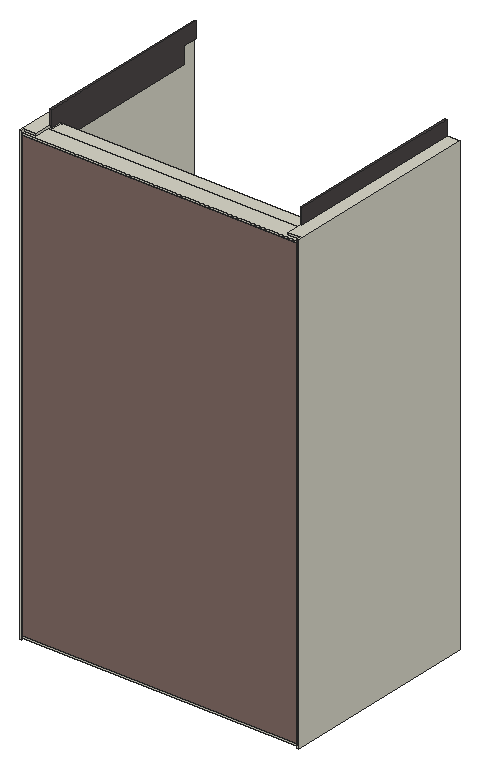
Revit family "vanity unit-hansgrohe-54170XXX-Xevolos E Vanity unit Sand Matt Beige 340_245 for handrinse basin, door hinge right", category Furniture, Revit 2019
Family settings
  OmniClass Number = 23.40.00.00
  OmniClass Title = Equipment and Furnishings
  Work Plane-Based = No
  Always vertical = Yes
  Cut with Voids When Loaded = No
  Shared = Yes
  Room Calculation Point = No
Parameters (values of type "54170730-SAND_MATT_BEIGE-DARK_OAK-400")
  etim7_EC011381 = "EC011381"
  WEIGHT = "9.2"
  UNSPSC = "56 | Furniture and Furnishings"
  UNIFORMATII = "E2010 | Fixed Furnishings"
  UNICLASS_2015_CODE = "40_30_78_05"
  UNICLASS2015 = "Pr_40_30_78_05 | Bathroom furniture"
  SURFACE = "DARK_OAK"
  REGION = "Worldwide"
  PRODUCTURL = "https://pro.hansgrohe.com/articledetail--54170790"
  PERMALINK = "54170XXX"
  OMNICLASS = "23-21 19 15 33 13 | Residential Bathroom Specialty Casework"
  OBJECTTYPE = "Object (single object)"
  OBERFLAECHE = "SAND_MATT_BEIGE"
  NN = "Vanity Unit for handrinse basin, door hinge"
  NBSYN = "$ARTNR.-$OBERFLAECHE.-$SURFACE.-$LODLEVEL."
  NB = "54170730-SAND_MATT_BEIGE-DARK_OAK-400"
  NAME = "Xevolos E Vanity unit Sand Matt Beige 340/245 for handrinse basin, door hinge right"
  Model = "54170730-SAND_MATT_BEIGE-DARK_OAK-400"
  Manufacturer = "Hansgrohe"
  MIdent = "{$CADENAS_DATA/23d-libs/hansgrohe/xevolos_furniture/xevolos_vanity_unit_for_handrinse_basin_door_hinge/vanity_unit_for_handrinse_basin_with_door_hing.prj},260 {VTYP=3D},{NB=54170730-SAND_MATT_BEIGE-DARK_OAK-400},{LINA=54170730-SAND_MATT_BEIGE-DARK_OAK-400},{NN=Vanity Unit for handrinse basin, door hinge},{DATE=13.03.2023 12:26:36},{GEOMDATE=12.03.2023 06:59:00},{VERSION=},{LINEID=140},{WBVAR=LODLEVEL},{WBNUMERIC=}  {NB=54170730-SAND_MATT_BEIGE-DARK_OAK-400},{LINA=54170730-SAND_MATT_BEIGE-DARK_OAK-400},{KT=DUMMY},{IDNR=14},{ARTNR=54170730},{BASENUMBER=54170},{MODEL=54170XXX},{OBERFLAECHE=SAND_MATT_BEIGE},{SURFACE=DARK_OAK},{L=340},{LODLEVEL=400},{LODLEVELX='400','400','200','200'},{NAME=Xevolos E Vanity unit Sand Matt Beige 340/245 for handrinse basin, door hinge right},{PERMALINK=54170XXX},{OBJECTTYPE=Object (single object)},{BIMOBJECT=Sanitary: Compound units},{COLLECTIONSET=Xevolos E},{COLLECTION=vanity unit},{WEIGHT=9.2},{DESCRIPTION=Xevolos E Vanity unit Sand Matt Beige 340/245 for handrinse basin, door hinge right},{PRODUCTURL=https://pro.hansgrohe.com/articledetail--54170790},{GTINCODE=},{TENDERURL=},{IFC=Furnishing element},{ETIM=EC011381 | Bathroom furniture set},{UNICLASS2015=Pr_40_30_78_05 | Bathroom furniture},{OMNICLASS=23-21 19 15 33 13 | Residential Bathroom Specialty Casework},{MASTERFORMAT=12 35 30.23 | Bathroom Casework},{UNSPSC=56 | Furniture and Furnishings},{UNIFORMATII=E2010 | Fixed Furnishings},{REGION=Worldwide},{DESIGN=Germany},{MANUFACTURER=Germany}"
  MASTERFORMAT = "12 35 30.23 | Bathroom Casework"
  LODLEVEL = "400"
  LINA = "54170730-SAND_MATT_BEIGE-DARK_OAK-400"
  L = 340
  IFC = "Furnishing element"
  IDNR = 14
  ETIM = "EC011381 | Bathroom furniture set"
  DESIGN = "Germany"
  COLLECTIONSET = "Xevolos E"
  COLLECTION = "vanity unit"
  CATALOG = "Hansgrohe"
  BIMOBJECT = "Sanitary: Compound units"
  BASENUMBER = "54170"
  ARTNR = "54170730"
  54170790-SAND_MATT_BEIGE-METALLIC_SAND_BEIGE-400_RX0RY0RZ0TX0TY0TZ0_V = no
  54170790-SAND_MATT_BEIGE-METALLIC_SAND_BEIGE-200_RX0RY0RZ0TX0TY0TZ0_V = no
  54170730-SAND_MATT_BEIGE-DARK_OAK-400_RX0RY0RZ0TX0TY0TZ0_V = yes
  54170730-SAND_MATT_BEIGE-DARK_OAK-200_RX0RY0RZ0TX0TY0TZ0_V = no
  54170390-SAND_MATT_BEIGE-PATTEREND_BRONZE-400_RX0RY0RZ0TX0TY0TZ0_V = no
  54170390-SAND_MATT_BEIGE-PATTEREND_BRONZE-200_RX0RY0RZ0TX0TY0TZ0_V = no
Types (6, lengths in mm): name | SURFACE | NB | Model | MIdent | LODLEVEL | LINA | IDNR | ARTNR | 54170790-SAND_MATT_BEIGE-METALLIC_SAND_BEIGE-400_RX0RY0RZ0TX0TY0TZ0_V | 54170790-SAND_MATT_BEIGE-METALLIC_SAND_BEIGE-200_RX0RY0RZ0TX0TY0TZ0_V | 54170730-SAND_MATT_BEIGE-DARK_OAK-400_RX0RY0RZ0TX0TY0TZ0_V | 54170730-SAND_MATT_BEIGE-DARK_OAK-200_RX0RY0RZ0TX0TY0TZ0_V | 54170390-SAND_MATT_BEIGE-PATTEREND_BRONZE-400_RX0RY0RZ0TX0TY0TZ0_V | 54170390-SAND_MATT_BEIGE-PATTEREND_BRONZE-200_RX0RY0RZ0TX0TY0TZ0_V
  54170390-SAND_MATT_BEIGE-PATTEREND_BRONZE-200 | "PATTEREND_BRONZE" | "54170390-SAND_MATT_BEIGE-PATTEREND_BRONZE-200" | "54170390-SAND_MATT_BEIGE-PATTEREND_BRONZE-200" | "{$CADENAS_DATA/23d-libs/hansgrohe/xevolos_furniture/xevolos_vanity_unit_for_handrinse_basin_door_hinge/vanity_unit_for_handrinse_basin_with_door_hing.prj},276 {VTYP=3D},{NB=54170390-SAND_MATT_BEIGE-PATTEREND_BRONZE-200},{LINA=54170390-SAND_MATT_BEIGE-PATTEREND_BRONZE-200},{NN=Vanity Unit for handrinse basin, door hinge},{DATE=13.03.2023 12:26:36},{GEOMDATE=12.03.2023 06:59:00},{VERSION=},{LINEID=130},{WBVAR=LODLEVEL},{WBNUMERIC=}  {NB=54170390-SAND_MATT_BEIGE-PATTEREND_BRONZE-200},{LINA=54170390-SAND_MATT_BEIGE-PATTEREND_BRONZE-200},{KT=DUMMY},{IDNR=13},{ARTNR=54170390},{BASENUMBER=54170},{MODEL=54170XXX},{OBERFLAECHE=SAND_MATT_BEIGE},{SURFACE=PATTEREND_BRONZE},{L=340},{LODLEVEL=200},{LODLEVELX='400','400','200','200'},{NAME=Xevolos E Vanity unit Sand Matt Beige 340/245 for handrinse basin, door hinge right},{PERMALINK=54170XXX},{OBJECTTYPE=Object (single object)},{BIMOBJECT=Sanitary: Compound units},{COLLECTIONSET=Xevolos E},{COLLECTION=vanity unit},{WEIGHT=9.2},{DESCRIPTION=Xevolos E Vanity unit Sand Matt Beige 340/245 for handrinse basin, door hinge right},{PRODUCTURL=https://pro.hansgrohe.com/articledetail--54170790},{GTINCODE=},{TENDERURL=},{IFC=Furnishing element},{ETIM=EC011381 | Bathroom furniture set},{UNICLASS2015=Pr_40_30_78_05 | Bathroom furniture},{OMNICLASS=23-21 19 15 33 13 | Residential Bathroom Specialty Casework},{MASTERFORMAT=12 35 30.23 | Bathroom Casework},{UNSPSC=56 | Furniture and Furnishings},{UNIFORMATII=E2010 | Fixed Furnishings},{REGION=Worldwide},{DESIGN=Germany},{MANUFACTURER=Germany}" | "200" | "54170390-SAND_MATT_BEIGE-PATTEREND_BRONZE-200" | 13 | "54170390" | no | no | no | no | no | yes
  54170390-SAND_MATT_BEIGE-PATTEREND_BRONZE-400 | "PATTEREND_BRONZE" | "54170390-SAND_MATT_BEIGE-PATTEREND_BRONZE-400" | "54170390-SAND_MATT_BEIGE-PATTEREND_BRONZE-400" | "{$CADENAS_DATA/23d-libs/hansgrohe/xevolos_furniture/xevolos_vanity_unit_for_handrinse_basin_door_hinge/vanity_unit_for_handrinse_basin_with_door_hing.prj},276 {VTYP=3D},{NB=54170390-SAND_MATT_BEIGE-PATTEREND_BRONZE-400},{LINA=54170390-SAND_MATT_BEIGE-PATTEREND_BRONZE-400},{NN=Vanity Unit for handrinse basin, door hinge},{DATE=13.03.2023 12:26:36},{GEOMDATE=12.03.2023 06:59:00},{VERSION=},{LINEID=130},{WBVAR=LODLEVEL},{WBNUMERIC=}  {NB=54170390-SAND_MATT_BEIGE-PATTEREND_BRONZE-400},{LINA=54170390-SAND_MATT_BEIGE-PATTEREND_BRONZE-400},{KT=DUMMY},{IDNR=13},{ARTNR=54170390},{BASENUMBER=54170},{MODEL=54170XXX},{OBERFLAECHE=SAND_MATT_BEIGE},{SURFACE=PATTEREND_BRONZE},{L=340},{LODLEVEL=400},{LODLEVELX='400','400','200','200'},{NAME=Xevolos E Vanity unit Sand Matt Beige 340/245 for handrinse basin, door hinge right},{PERMALINK=54170XXX},{OBJECTTYPE=Object (single object)},{BIMOBJECT=Sanitary: Compound units},{COLLECTIONSET=Xevolos E},{COLLECTION=vanity unit},{WEIGHT=9.2},{DESCRIPTION=Xevolos E Vanity unit Sand Matt Beige 340/245 for handrinse basin, door hinge right},{PRODUCTURL=https://pro.hansgrohe.com/articledetail--54170790},{GTINCODE=},{TENDERURL=},{IFC=Furnishing element},{ETIM=EC011381 | Bathroom furniture set},{UNICLASS2015=Pr_40_30_78_05 | Bathroom furniture},{OMNICLASS=23-21 19 15 33 13 | Residential Bathroom Specialty Casework},{MASTERFORMAT=12 35 30.23 | Bathroom Casework},{UNSPSC=56 | Furniture and Furnishings},{UNIFORMATII=E2010 | Fixed Furnishings},{REGION=Worldwide},{DESIGN=Germany},{MANUFACTURER=Germany}" | "400" | "54170390-SAND_MATT_BEIGE-PATTEREND_BRONZE-400" | 13 | "54170390" | no | no | no | no | yes | no
  54170730-SAND_MATT_BEIGE-DARK_OAK-200 | "DARK_OAK" | "54170730-SAND_MATT_BEIGE-DARK_OAK-200" | "54170730-SAND_MATT_BEIGE-DARK_OAK-200" | "{$CADENAS_DATA/23d-libs/hansgrohe/xevolos_furniture/xevolos_vanity_unit_for_handrinse_basin_door_hinge/vanity_unit_for_handrinse_basin_with_door_hing.prj},260 {VTYP=3D},{NB=54170730-SAND_MATT_BEIGE-DARK_OAK-200},{LINA=54170730-SAND_MATT_BEIGE-DARK_OAK-200},{NN=Vanity Unit for handrinse basin, door hinge},{DATE=13.03.2023 12:26:36},{GEOMDATE=12.03.2023 06:59:00},{VERSION=},{LINEID=140},{WBVAR=LODLEVEL},{WBNUMERIC=}  {NB=54170730-SAND_MATT_BEIGE-DARK_OAK-200},{LINA=54170730-SAND_MATT_BEIGE-DARK_OAK-200},{KT=DUMMY},{IDNR=14},{ARTNR=54170730},{BASENUMBER=54170},{MODEL=54170XXX},{OBERFLAECHE=SAND_MATT_BEIGE},{SURFACE=DARK_OAK},{L=340},{LODLEVEL=200},{LODLEVELX='400','400','200','200'},{NAME=Xevolos E Vanity unit Sand Matt Beige 340/245 for handrinse basin, door hinge right},{PERMALINK=54170XXX},{OBJECTTYPE=Object (single object)},{BIMOBJECT=Sanitary: Compound units},{COLLECTIONSET=Xevolos E},{COLLECTION=vanity unit},{WEIGHT=9.2},{DESCRIPTION=Xevolos E Vanity unit Sand Matt Beige 340/245 for handrinse basin, door hinge right},{PRODUCTURL=https://pro.hansgrohe.com/articledetail--54170790},{GTINCODE=},{TENDERURL=},{IFC=Furnishing element},{ETIM=EC011381 | Bathroom furniture set},{UNICLASS2015=Pr_40_30_78_05 | Bathroom furniture},{OMNICLASS=23-21 19 15 33 13 | Residential Bathroom Specialty Casework},{MASTERFORMAT=12 35 30.23 | Bathroom Casework},{UNSPSC=56 | Furniture and Furnishings},{UNIFORMATII=E2010 | Fixed Furnishings},{REGION=Worldwide},{DESIGN=Germany},{MANUFACTURER=Germany}" | "200" | "54170730-SAND_MATT_BEIGE-DARK_OAK-200" | 14 | "54170730" | no | no | no | yes | no | no
  54170730-SAND_MATT_BEIGE-DARK_OAK-400 | "DARK_OAK" | "54170730-SAND_MATT_BEIGE-DARK_OAK-400" | "54170730-SAND_MATT_BEIGE-DARK_OAK-400" | "{$CADENAS_DATA/23d-libs/hansgrohe/xevolos_furniture/xevolos_vanity_unit_for_handrinse_basin_door_hinge/vanity_unit_for_handrinse_basin_with_door_hing.prj},260 {VTYP=3D},{NB=54170730-SAND_MATT_BEIGE-DARK_OAK-400},{LINA=54170730-SAND_MATT_BEIGE-DARK_OAK-400},{NN=Vanity Unit for handrinse basin, door hinge},{DATE=13.03.2023 12:26:36},{GEOMDATE=12.03.2023 06:59:00},{VERSION=},{LINEID=140},{WBVAR=LODLEVEL},{WBNUMERIC=}  {NB=54170730-SAND_MATT_BEIGE-DARK_OAK-400},{LINA=54170730-SAND_MATT_BEIGE-DARK_OAK-400},{KT=DUMMY},{IDNR=14},{ARTNR=54170730},{BASENUMBER=54170},{MODEL=54170XXX},{OBERFLAECHE=SAND_MATT_BEIGE},{SURFACE=DARK_OAK},{L=340},{LODLEVEL=400},{LODLEVELX='400','400','200','200'},{NAME=Xevolos E Vanity unit Sand Matt Beige 340/245 for handrinse basin, door hinge right},{PERMALINK=54170XXX},{OBJECTTYPE=Object (single object)},{BIMOBJECT=Sanitary: Compound units},{COLLECTIONSET=Xevolos E},{COLLECTION=vanity unit},{WEIGHT=9.2},{DESCRIPTION=Xevolos E Vanity unit Sand Matt Beige 340/245 for handrinse basin, door hinge right},{PRODUCTURL=https://pro.hansgrohe.com/articledetail--54170790},{GTINCODE=},{TENDERURL=},{IFC=Furnishing element},{ETIM=EC011381 | Bathroom furniture set},{UNICLASS2015=Pr_40_30_78_05 | Bathroom furniture},{OMNICLASS=23-21 19 15 33 13 | Residential Bathroom Specialty Casework},{MASTERFORMAT=12 35 30.23 | Bathroom Casework},{UNSPSC=56 | Furniture and Furnishings},{UNIFORMATII=E2010 | Fixed Furnishings},{REGION=Worldwide},{DESIGN=Germany},{MANUFACTURER=Germany}" | "400" | "54170730-SAND_MATT_BEIGE-DARK_OAK-400" | 14 | "54170730" | no | no | yes | no | no | no
  54170790-SAND_MATT_BEIGE-METALLIC_SAND_BEIGE-200 | "METALLIC_SAND_BEIGE" | "54170790-SAND_MATT_BEIGE-METALLIC_SAND_BEIGE-200" | "54170790-SAND_MATT_BEIGE-METALLIC_SAND_BEIGE-200" | "{$CADENAS_DATA/23d-libs/hansgrohe/xevolos_furniture/xevolos_vanity_unit_for_handrinse_basin_door_hinge/vanity_unit_for_handrinse_basin_with_door_hing.prj},282 {VTYP=3D},{NB=54170790-SAND_MATT_BEIGE-METALLIC_SAND_BEIGE-200},{LINA=54170790-SAND_MATT_BEIGE-METALLIC_SAND_BEIGE-200},{NN=Vanity Unit for handrinse basin, door hinge},{DATE=13.03.2023 12:26:36},{GEOMDATE=12.03.2023 06:59:00},{VERSION=},{LINEID=150},{WBVAR=LODLEVEL},{WBNUMERIC=}  {NB=54170790-SAND_MATT_BEIGE-METALLIC_SAND_BEIGE-200},{LINA=54170790-SAND_MATT_BEIGE-METALLIC_SAND_BEIGE-200},{KT=DUMMY},{IDNR=15},{ARTNR=54170790},{BASENUMBER=54170},{MODEL=54170XXX},{OBERFLAECHE=SAND_MATT_BEIGE},{SURFACE=METALLIC_SAND_BEIGE},{L=340},{LODLEVEL=200},{LODLEVELX='400','400','200','200'},{NAME=Xevolos E Vanity unit Sand Matt Beige 340/245 for handrinse basin, door hinge right},{PERMALINK=54170XXX},{OBJECTTYPE=Object (single object)},{BIMOBJECT=Sanitary: Compound units},{COLLECTIONSET=Xevolos E},{COLLECTION=vanity unit},{WEIGHT=9.2},{DESCRIPTION=Xevolos E Vanity unit Sand Matt Beige 340/245 for handrinse basin, door hinge right},{PRODUCTURL=https://pro.hansgrohe.com/articledetail--54170790},{GTINCODE=},{TENDERURL=},{IFC=Furnishing element},{ETIM=EC011381 | Bathroom furniture set},{UNICLASS2015=Pr_40_30_78_05 | Bathroom furniture},{OMNICLASS=23-21 19 15 33 13 | Residential Bathroom Specialty Casework},{MASTERFORMAT=12 35 30.23 | Bathroom Casework},{UNSPSC=56 | Furniture and Furnishings},{UNIFORMATII=E2010 | Fixed Furnishings},{REGION=Worldwide},{DESIGN=Germany},{MANUFACTURER=Germany}" | "200" | "54170790-SAND_MATT_BEIGE-METALLIC_SAND_BEIGE-200" | 15 | "54170790" | no | yes | no | no | no | no
  54170790-SAND_MATT_BEIGE-METALLIC_SAND_BEIGE-400 | "METALLIC_SAND_BEIGE" | "54170790-SAND_MATT_BEIGE-METALLIC_SAND_BEIGE-400" | "54170790-SAND_MATT_BEIGE-METALLIC_SAND_BEIGE-400" | "{$CADENAS_DATA/23d-libs/hansgrohe/xevolos_furniture/xevolos_vanity_unit_for_handrinse_basin_door_hinge/vanity_unit_for_handrinse_basin_with_door_hing.prj},282 {VTYP=3D},{NB=54170790-SAND_MATT_BEIGE-METALLIC_SAND_BEIGE-400},{LINA=54170790-SAND_MATT_BEIGE-METALLIC_SAND_BEIGE-400},{NN=Vanity Unit for handrinse basin, door hinge},{DATE=13.03.2023 12:26:36},{GEOMDATE=12.03.2023 06:59:00},{VERSION=},{LINEID=150},{WBVAR=LODLEVEL},{WBNUMERIC=}  {NB=54170790-SAND_MATT_BEIGE-METALLIC_SAND_BEIGE-400},{LINA=54170790-SAND_MATT_BEIGE-METALLIC_SAND_BEIGE-400},{KT=DUMMY},{IDNR=15},{ARTNR=54170790},{BASENUMBER=54170},{MODEL=54170XXX},{OBERFLAECHE=SAND_MATT_BEIGE},{SURFACE=METALLIC_SAND_BEIGE},{L=340},{LODLEVEL=400},{LODLEVELX='400','400','200','200'},{NAME=Xevolos E Vanity unit Sand Matt Beige 340/245 for handrinse basin, door hinge right},{PERMALINK=54170XXX},{OBJECTTYPE=Object (single object)},{BIMOBJECT=Sanitary: Compound units},{COLLECTIONSET=Xevolos E},{COLLECTION=vanity unit},{WEIGHT=9.2},{DESCRIPTION=Xevolos E Vanity unit Sand Matt Beige 340/245 for handrinse basin, door hinge right},{PRODUCTURL=https://pro.hansgrohe.com/articledetail--54170790},{GTINCODE=},{TENDERURL=},{IFC=Furnishing element},{ETIM=EC011381 | Bathroom furniture set},{UNICLASS2015=Pr_40_30_78_05 | Bathroom furniture},{OMNICLASS=23-21 19 15 33 13 | Residential Bathroom Specialty Casework},{MASTERFORMAT=12 35 30.23 | Bathroom Casework},{UNSPSC=56 | Furniture and Furnishings},{UNIFORMATII=E2010 | Fixed Furnishings},{REGION=Worldwide},{DESIGN=Germany},{MANUFACTURER=Germany}" | "400" | "54170790-SAND_MATT_BEIGE-METALLIC_SAND_BEIGE-400" | 15 | "54170790" | yes | no | no | no | no | no
Reference planes
  plane 1 "Center (Front/Back)": y = 0
  plane 2: z = 0
  plane 3 "Center (Left/Right)": x = 0
Dimensions and locks
  aligned and locked: level to plane 2
Nested families
  nested 1: "54170390-sand_matt_beige-patterend_bronze-200_content" at (0, 0, 0), visible <- "54170390-SAND_MATT_BEIGE-PATTEREND_BRONZE-200_RX0RY0RZ0TX0TY0TZ0_V", ContentVisible <- "54170390-SAND_MATT_BEIGE-PATTEREND_BRONZE-200_RX0RY0RZ0TX0TY0TZ0_V", type "54170390-SAND_MATT_BEIGE-PATTEREND_BRONZE-200_Content"
    with ContentVisible no
  nested 2: "54170390-sand_matt_beige-patterend_bronze-400_content" at (0, 0, 0), visible <- "54170390-SAND_MATT_BEIGE-PATTEREND_BRONZE-400_RX0RY0RZ0TX0TY0TZ0_V", ContentVisible <- "54170390-SAND_MATT_BEIGE-PATTEREND_BRONZE-400_RX0RY0RZ0TX0TY0TZ0_V", type "54170390-SAND_MATT_BEIGE-PATTEREND_BRONZE-400_Content"
    with ContentVisible no
  nested 3: "54170730-sand_matt_beige-dark_oak-200_content" at (0, 0, 0), visible <- "54170730-SAND_MATT_BEIGE-DARK_OAK-200_RX0RY0RZ0TX0TY0TZ0_V", ContentVisible <- "54170730-SAND_MATT_BEIGE-DARK_OAK-200_RX0RY0RZ0TX0TY0TZ0_V", type "54170730-SAND_MATT_BEIGE-DARK_OAK-200_Content"
    with ContentVisible no
  nested 4: "54170730-sand_matt_beige-dark_oak-400_content" at (0, 0, 0), visible <- "54170730-SAND_MATT_BEIGE-DARK_OAK-400_RX0RY0RZ0TX0TY0TZ0_V", ContentVisible <- "54170730-SAND_MATT_BEIGE-DARK_OAK-400_RX0RY0RZ0TX0TY0TZ0_V", type "54170730-SAND_MATT_BEIGE-DARK_OAK-400_Content"
    with ContentVisible yes
  nested 5: "54170790-sand_matt_beige-metallic_sand_beige-200_content" at (0, 0, 0), visible <- "54170790-SAND_MATT_BEIGE-METALLIC_SAND_BEIGE-200_RX0RY0RZ0TX0TY0TZ0_V", ContentVisible <- "54170790-SAND_MATT_BEIGE-METALLIC_SAND_BEIGE-200_RX0RY0RZ0TX0TY0TZ0_V", type "54170790-SAND_MATT_BEIGE-METALLIC_SAND_BEIGE-200_Content"
    with ContentVisible no
  nested 6: "54170790-sand_matt_beige-metallic_sand_beige-400_content" at (0, 0, 0), visible <- "54170790-SAND_MATT_BEIGE-METALLIC_SAND_BEIGE-400_RX0RY0RZ0TX0TY0TZ0_V", ContentVisible <- "54170790-SAND_MATT_BEIGE-METALLIC_SAND_BEIGE-400_RX0RY0RZ0TX0TY0TZ0_V", type "54170790-SAND_MATT_BEIGE-METALLIC_SAND_BEIGE-400_Content"
    with ContentVisible no
Definition of nested family "54170730-sand_matt_beige-dark_oak-400_content"
  Parameters (values of type "54170730-SAND_MATT_BEIGE-DARK_OAK-400_Content")
    etim7_EC011381 = "EC011381"
    WEIGHT = "9.2"
    UNSPSC = "56 | Furniture and Furnishings"
    UNIFORMATII = "E2010 | Fixed Furnishings"
    UNICLASS_2015_CODE = "40_30_78_05"
    UNICLASS2015 = "Pr_40_30_78_05 | Bathroom furniture"
    SURFACE = "DARK_OAK"
    REGION = "Worldwide"
    PRODUCTURL = "https://pro.hansgrohe.com/articledetail--54170790"
    PERMALINK = "54170XXX"
    OMNICLASS = "23-21 19 15 33 13 | Residential Bathroom Specialty Casework"
    OBJECTTYPE = "Object (single object)"
    OBERFLAECHE = "SAND_MATT_BEIGE"
    NN = "Vanity Unit for handrinse basin, door hinge"
    NBSYN = "$ARTNR.-$OBERFLAECHE.-$SURFACE.-$LODLEVEL."
    NB = "54170730-SAND_MATT_BEIGE-DARK_OAK-400"
    NAME = "Xevolos E Vanity unit Sand Matt Beige 340/245 for handrinse basin, door hinge right"
    Model = "54170730-SAND_MATT_BEIGE-DARK_OAK-400"
    Manufacturer = "Hansgrohe"
    MASTERFORMAT = "12 35 30.23 | Bathroom Casework"
    LODLEVEL = "400"
    LINA = "54170730-SAND_MATT_BEIGE-DARK_OAK-400"
    L = 340
    IFC = "Furnishing element"
    IDNR = 14
    ETIM = "EC011381 | Bathroom furniture set"
    Default Elevation = 1219.2 mm
    DESIGN = "Germany"
    ContentVisible [instance] = yes
    COLLECTIONSET = "Xevolos E"
    COLLECTION = "vanity unit"
    CATALOG = "Hansgrohe"
    BIMOBJECT = "Sanitary: Compound units"
    BASENUMBER = "54170"
    ARTNR = "54170730"
  Reference planes
    plane 1 "Center (Front/Back)": y = 0
    plane 2: z = 0
    plane 3 "Center (Left/Right)": x = 0
  Forms (mm)
    Extrusion 1, solid, visible <- "ContentVisible", detail levels medium+fine
      sketch origin (0, 0, 0) x (1, 0, 0) y (0, 1, 0)
        loop
          line (-170, 0) -> (-170, -245.25) -> (-168, -245.25) -> (-168, -241.25) -> (-154, -241.25) -> (-154, 0) -> (-170, 0)
      from 0 to 556
    Extrusion 2, solid, visible <- "ContentVisible", detail levels medium+fine
      sketch origin (0, 0, 0) x (1, 0, 0) y (0, 1, 0)
        loop
          line (-154, -20) -> (-154, -219.5) -> (154, -219.5) -> (154, -20) -> (-154, -20)
      from 0 to 16
    Extrusion 3, solid, visible <- "ContentVisible", detail levels medium+fine
      sketch origin (0, 0, 0) x (1, 0, 0) y (0, 1, 0)
        loop
          line (154, 0) -> (154, -241.25) -> (168, -241.25) -> (168, -245.25) -> (170, -245.25) -> (170, 0) -> (154, 0)
      from 0 to 556
    Extrusion 4, solid, visible <- "ContentVisible", detail levels medium+fine
      sketch origin (0, 0, 0.5) x (1, 0, 0) y (0, 1, 0)
        loop
          line (-154, -4) -> (-154, -20) -> (154, -20) -> (154, -4) -> (-154, -4)
      from 0 to 126
    Extrusion 5, solid, visible <- "ContentVisible", detail levels medium+fine
      sketch origin (0, 0, 2) x (1, 0, 0) y (0, 1, 0)
        loop
          line (-168, -223.95) -> (-168, -245.25) -> (168, -245.25) -> (168, -223.95) -> (-168, -223.95)
      from 0 to 2
    Extrusion 6, solid, visible <- "ContentVisible", detail levels medium+fine
      sketch origin (0, 0, 554) x (1, 0, 0) y (0, 1, 0)
        loop
          line (-168, -223.95) -> (-168, -245.25) -> (168, -245.25) -> (168, -223.95) -> (-168, -223.95)
      from -2 to 0
    Extrusion 7, solid, visible <- "ContentVisible", detail levels medium+fine
      sketch origin (0, -241.25, 0) x (1, 0, 0) y (0, 0, -1)
        loop
          line (-168, -552) -> (168, -552) -> (168, -4) -> (-168, -4) -> (-168, -552)
      from -4 to 0
    Extrusion 8, solid, visible <- "ContentVisible", detail levels medium+fine
      sketch origin (0, -241.25, 0) x (1, 0, 0) y (0, 0, -1)
        loop
          line (-154, -552) -> (154, -552) -> (154, -4) -> (-154, -4) -> (-154, -552)
        loop
          line (-95, -78) -> (-95, -474) -> (95, -474) -> (95, -78) -> (-95, -78)
      from 0 to 17.3
    Extrusion 9, solid, visible <- "ContentVisible", detail levels medium+fine
      sketch origin (-154, 0, 0) x (0, 0, -1) y (0, 1, 0)
        loop
          line (-574, 0) -> (-574, -220) -> (-554, -220) -> (-554, -203.5) -> (-534, -203.5) -> (-534, -17.5) -> (-554, -17.5) -> (-554, 0) -> (-574, 0)
      from 0 to 2
    Extrusion 10, solid, visible <- "ContentVisible", detail levels medium+fine
      sketch origin (154, 0, 0) x (0, 0, -1) y (0, 1, 0)
        loop
          line (-574, 0) -> (-574, -220) -> (-554, -220) -> (-554, -203.5) -> (-534, -203.5) -> (-534, -17.5) -> (-554, -17.5) -> (-554, 0) -> (-574, 0)
      from -2 to 0
    Extrusion 11, solid, visible <- "ContentVisible", detail levels medium+fine
      sketch origin (0, 0, 0) x (0, 0, -1) y (0, 1, 0)
        loop
          line (-551, -203.5) -> (-551, -219.5) -> (-477, -219.5) -> (-477, -203.5) -> (-551, -203.5)
      from -154 to 154
    Extrusion 12, solid, visible <- "ContentVisible", detail levels coarse
      sketch origin (0, -122.625, 0) x (1, 0, 0) y (0, 1, 0)
        loop
          line (-170, -122.625) -> (170, -122.625) -> (170, 122.625) -> (-170, 122.625) -> (-170, -122.625)
      from 0 to 574
  Dimensions and locks
    aligned and locked: level to plane 2
Definition of nested family "54170390-sand_matt_beige-patterend_bronze-200_content"
  Parameters (values of type "54170390-SAND_MATT_BEIGE-PATTEREND_BRONZE-200_Content")
    etim7_EC011381 = "EC011381"
    WEIGHT = "9.2"
    UNSPSC = "56 | Furniture and Furnishings"
    UNIFORMATII = "E2010 | Fixed Furnishings"
    UNICLASS_2015_CODE = "40_30_78_05"
    UNICLASS2015 = "Pr_40_30_78_05 | Bathroom furniture"
    SURFACE = "PATTEREND_BRONZE"
    REGION = "Worldwide"
    PRODUCTURL = "https://pro.hansgrohe.com/articledetail--54170790"
    PERMALINK = "54170XXX"
    OMNICLASS = "23-21 19 15 33 13 | Residential Bathroom Specialty Casework"
    OBJECTTYPE = "Object (single object)"
    OBERFLAECHE = "SAND_MATT_BEIGE"
    NN = "Vanity Unit for handrinse basin, door hinge"
    NBSYN = "$ARTNR.-$OBERFLAECHE.-$SURFACE.-$LODLEVEL."
    NB = "54170390-SAND_MATT_BEIGE-PATTEREND_BRONZE-200"
    NAME = "Xevolos E Vanity unit Sand Matt Beige 340/245 for handrinse basin, door hinge right"
    Model = "54170390-SAND_MATT_BEIGE-PATTEREND_BRONZE-200"
    Manufacturer = "Hansgrohe"
    MASTERFORMAT = "12 35 30.23 | Bathroom Casework"
    LODLEVEL = "200"
    LINA = "54170390-SAND_MATT_BEIGE-PATTEREND_BRONZE-200"
    L = 340
    IFC = "Furnishing element"
    IDNR = 13
    ETIM = "EC011381 | Bathroom furniture set"
    Default Elevation = 1219.2 mm
    DESIGN = "Germany"
    ContentVisible [instance] = yes
    COLLECTIONSET = "Xevolos E"
    COLLECTION = "vanity unit"
    CATALOG = "Hansgrohe"
    BIMOBJECT = "Sanitary: Compound units"
    BASENUMBER = "54170"
    ARTNR = "54170390"
  Reference planes
    plane 1 "Center (Front/Back)": y = 0
    plane 2: z = 0
    plane 3 "Center (Left/Right)": x = 0
  Forms (mm)
    Extrusion 1, solid, visible <- "ContentVisible", detail levels medium+fine
      sketch origin (0, 0, 0) x (1, 0, 0) y (0, 1, 0)
        loop
          line (-170, 0) -> (-170, -241.25) -> (170, -241.25) -> (170, 0) -> (-170, 0)
      from 0 to 556
    Extrusion 2, solid, visible <- "ContentVisible", detail levels medium+fine
      sketch origin (0, -241.25, 0) x (1, 0, 0) y (0, 0, -1)
        loop
          line (-170, -278) -> (-168, -278) -> (-168, -4) -> (168, -4) -> (168, -278) -> (170, -278) -> (170, -2) -> (-170, -2) -> (-170, -278)
      from -4 to 0
    Extrusion 3, solid, visible <- "ContentVisible", detail levels medium+fine
      sketch origin (0, -241.25, 0) x (1, 0, 0) y (0, 0, -1)
        loop
          line (-170, -278) -> (-170, -554) -> (170, -554) -> (170, -278) -> (168, -278) -> (168, -552) -> (-168, -552) -> (-168, -278) -> (-170, -278)
      from -4 to 0
    Extrusion 4, solid, visible <- "ContentVisible", detail levels medium+fine
      sketch origin (0, -241.25, 0) x (1, 0, 0) y (0, 0, -1)
        loop
          line (-168, -552) -> (168, -552) -> (168, -4) -> (-168, -4) -> (-168, -552)
      from -4 to 0
    Extrusion 5, solid, visible <- "ContentVisible", detail levels medium+fine
      sketch origin (-154, 0, 0) x (0, 0, -1) y (0, 1, 0)
        loop
          line (-574, 0) -> (-574, -220) -> (-554, -220) -> (-554, -203.5) -> (-534, -203.5) -> (-534, -17.5) -> (-554, -17.5) -> (-554, 0) -> (-574, 0)
      from 0 to 2
    Extrusion 6, solid, visible <- "ContentVisible", detail levels medium+fine
      sketch origin (154, 0, 0) x (0, 0, -1) y (0, 1, 0)
        loop
          line (-574, 0) -> (-574, -220) -> (-554, -220) -> (-554, -203.5) -> (-534, -203.5) -> (-534, -17.5) -> (-554, -17.5) -> (-554, 0) -> (-574, 0)
      from -2 to 0
    Extrusion 7, solid, visible <- "ContentVisible", detail levels coarse
      sketch origin (0, -122.625, 0) x (1, 0, 0) y (0, 1, 0)
        loop
          line (-170, -122.625) -> (170, -122.625) -> (170, 122.625) -> (-170, 122.625) -> (-170, -122.625)
      from 0 to 574
  Dimensions and locks
    aligned and locked: level to plane 2
Definition of nested family "54170390-sand_matt_beige-patterend_bronze-400_content"
  Parameters (values of type "54170390-SAND_MATT_BEIGE-PATTEREND_BRONZE-400_Content")
    etim7_EC011381 = "EC011381"
    WEIGHT = "9.2"
    UNSPSC = "56 | Furniture and Furnishings"
    UNIFORMATII = "E2010 | Fixed Furnishings"
    UNICLASS_2015_CODE = "40_30_78_05"
    UNICLASS2015 = "Pr_40_30_78_05 | Bathroom furniture"
    SURFACE = "PATTEREND_BRONZE"
    REGION = "Worldwide"
    PRODUCTURL = "https://pro.hansgrohe.com/articledetail--54170790"
    PERMALINK = "54170XXX"
    OMNICLASS = "23-21 19 15 33 13 | Residential Bathroom Specialty Casework"
    OBJECTTYPE = "Object (single object)"
    OBERFLAECHE = "SAND_MATT_BEIGE"
    NN = "Vanity Unit for handrinse basin, door hinge"
    NBSYN = "$ARTNR.-$OBERFLAECHE.-$SURFACE.-$LODLEVEL."
    NB = "54170390-SAND_MATT_BEIGE-PATTEREND_BRONZE-400"
    NAME = "Xevolos E Vanity unit Sand Matt Beige 340/245 for handrinse basin, door hinge right"
    Model = "54170390-SAND_MATT_BEIGE-PATTEREND_BRONZE-400"
    Manufacturer = "Hansgrohe"
    MASTERFORMAT = "12 35 30.23 | Bathroom Casework"
    LODLEVEL = "400"
    LINA = "54170390-SAND_MATT_BEIGE-PATTEREND_BRONZE-400"
    L = 340
    IFC = "Furnishing element"
    IDNR = 13
    ETIM = "EC011381 | Bathroom furniture set"
    Default Elevation = 1219.2 mm
    DESIGN = "Germany"
    ContentVisible [instance] = yes
    COLLECTIONSET = "Xevolos E"
    COLLECTION = "vanity unit"
    CATALOG = "Hansgrohe"
    BIMOBJECT = "Sanitary: Compound units"
    BASENUMBER = "54170"
    ARTNR = "54170390"
  Reference planes
    plane 1 "Center (Front/Back)": y = 0
    plane 2: z = 0
    plane 3 "Center (Left/Right)": x = 0
  Forms (mm)
    Extrusion 1, solid, visible <- "ContentVisible", detail levels medium+fine
      sketch origin (0, 0, 0) x (1, 0, 0) y (0, 1, 0)
        loop
          line (-170, 0) -> (-170, -245.25) -> (-168, -245.25) -> (-168, -241.25) -> (-154, -241.25) -> (-154, 0) -> (-170, 0)
      from 0 to 556
    Extrusion 2, solid, visible <- "ContentVisible", detail levels medium+fine
      sketch origin (0, 0, 0) x (1, 0, 0) y (0, 1, 0)
        loop
          line (-154, -20) -> (-154, -219.5) -> (154, -219.5) -> (154, -20) -> (-154, -20)
      from 0 to 16
    Extrusion 3, solid, visible <- "ContentVisible", detail levels medium+fine
      sketch origin (0, 0, 0) x (1, 0, 0) y (0, 1, 0)
        loop
          line (154, 0) -> (154, -241.25) -> (168, -241.25) -> (168, -245.25) -> (170, -245.25) -> (170, 0) -> (154, 0)
      from 0 to 556
    Extrusion 4, solid, visible <- "ContentVisible", detail levels medium+fine
      sketch origin (0, 0, 0.5) x (1, 0, 0) y (0, 1, 0)
        loop
          line (-154, -4) -> (-154, -20) -> (154, -20) -> (154, -4) -> (-154, -4)
      from 0 to 126
    Extrusion 5, solid, visible <- "ContentVisible", detail levels medium+fine
      sketch origin (0, 0, 2) x (1, 0, 0) y (0, 1, 0)
        loop
          line (-168, -223.95) -> (-168, -245.25) -> (168, -245.25) -> (168, -223.95) -> (-168, -223.95)
      from 0 to 2
    Extrusion 6, solid, visible <- "ContentVisible", detail levels medium+fine
      sketch origin (0, 0, 554) x (1, 0, 0) y (0, 1, 0)
        loop
          line (-168, -223.95) -> (-168, -245.25) -> (168, -245.25) -> (168, -223.95) -> (-168, -223.95)
      from -2 to 0
    Extrusion 7, solid, visible <- "ContentVisible", detail levels medium+fine
      sketch origin (0, -241.25, 0) x (1, 0, 0) y (0, 0, -1)
        loop
          line (-168, -552) -> (168, -552) -> (168, -4) -> (-168, -4) -> (-168, -552)
      from -4 to 0
    Extrusion 8, solid, visible <- "ContentVisible", detail levels medium+fine
      sketch origin (0, -241.25, 0) x (1, 0, 0) y (0, 0, -1)
        loop
          line (-154, -552) -> (154, -552) -> (154, -4) -> (-154, -4) -> (-154, -552)
        loop
          line (-95, -78) -> (-95, -474) -> (95, -474) -> (95, -78) -> (-95, -78)
      from 0 to 17.3
    Extrusion 9, solid, visible <- "ContentVisible", detail levels medium+fine
      sketch origin (-154, 0, 0) x (0, 0, -1) y (0, 1, 0)
        loop
          line (-574, 0) -> (-574, -220) -> (-554, -220) -> (-554, -203.5) -> (-534, -203.5) -> (-534, -17.5) -> (-554, -17.5) -> (-554, 0) -> (-574, 0)
      from 0 to 2
    Extrusion 10, solid, visible <- "ContentVisible", detail levels medium+fine
      sketch origin (154, 0, 0) x (0, 0, -1) y (0, 1, 0)
        loop
          line (-574, 0) -> (-574, -220) -> (-554, -220) -> (-554, -203.5) -> (-534, -203.5) -> (-534, -17.5) -> (-554, -17.5) -> (-554, 0) -> (-574, 0)
      from -2 to 0
    Extrusion 11, solid, visible <- "ContentVisible", detail levels medium+fine
      sketch origin (0, 0, 0) x (0, 0, -1) y (0, 1, 0)
        loop
          line (-551, -203.5) -> (-551, -219.5) -> (-477, -219.5) -> (-477, -203.5) -> (-551, -203.5)
      from -154 to 154
    Extrusion 12, solid, visible <- "ContentVisible", detail levels coarse
      sketch origin (0, -122.625, 0) x (1, 0, 0) y (0, 1, 0)
        loop
          line (-170, -122.625) -> (170, -122.625) -> (170, 122.625) -> (-170, 122.625) -> (-170, -122.625)
      from 0 to 574
  Dimensions and locks
    aligned and locked: level to plane 2
Definition of nested family "54170730-sand_matt_beige-dark_oak-200_content"
  Parameters (values of type "54170730-SAND_MATT_BEIGE-DARK_OAK-200_Content")
    etim7_EC011381 = "EC011381"
    WEIGHT = "9.2"
    UNSPSC = "56 | Furniture and Furnishings"
    UNIFORMATII = "E2010 | Fixed Furnishings"
    UNICLASS_2015_CODE = "40_30_78_05"
    UNICLASS2015 = "Pr_40_30_78_05 | Bathroom furniture"
    SURFACE = "DARK_OAK"
    REGION = "Worldwide"
    PRODUCTURL = "https://pro.hansgrohe.com/articledetail--54170790"
    PERMALINK = "54170XXX"
    OMNICLASS = "23-21 19 15 33 13 | Residential Bathroom Specialty Casework"
    OBJECTTYPE = "Object (single object)"
    OBERFLAECHE = "SAND_MATT_BEIGE"
    NN = "Vanity Unit for handrinse basin, door hinge"
    NBSYN = "$ARTNR.-$OBERFLAECHE.-$SURFACE.-$LODLEVEL."
    NB = "54170730-SAND_MATT_BEIGE-DARK_OAK-200"
    NAME = "Xevolos E Vanity unit Sand Matt Beige 340/245 for handrinse basin, door hinge right"
    Model = "54170730-SAND_MATT_BEIGE-DARK_OAK-200"
    Manufacturer = "Hansgrohe"
    MASTERFORMAT = "12 35 30.23 | Bathroom Casework"
    LODLEVEL = "200"
    LINA = "54170730-SAND_MATT_BEIGE-DARK_OAK-200"
    L = 340
    IFC = "Furnishing element"
    IDNR = 14
    ETIM = "EC011381 | Bathroom furniture set"
    Default Elevation = 1219.2 mm
    DESIGN = "Germany"
    ContentVisible [instance] = yes
    COLLECTIONSET = "Xevolos E"
    COLLECTION = "vanity unit"
    CATALOG = "Hansgrohe"
    BIMOBJECT = "Sanitary: Compound units"
    BASENUMBER = "54170"
    ARTNR = "54170730"
  Reference planes
    plane 1 "Center (Front/Back)": y = 0
    plane 2: z = 0
    plane 3 "Center (Left/Right)": x = 0
  Forms (mm)
    Extrusion 1, solid, visible <- "ContentVisible", detail levels medium+fine
      sketch origin (0, 0, 0) x (1, 0, 0) y (0, 1, 0)
        loop
          line (-170, 0) -> (-170, -241.25) -> (170, -241.25) -> (170, 0) -> (-170, 0)
      from 0 to 556
    Extrusion 2, solid, visible <- "ContentVisible", detail levels medium+fine
      sketch origin (0, -241.25, 0) x (1, 0, 0) y (0, 0, -1)
        loop
          line (-170, -278) -> (-168, -278) -> (-168, -4) -> (168, -4) -> (168, -278) -> (170, -278) -> (170, -2) -> (-170, -2) -> (-170, -278)
      from -4 to 0
    Extrusion 3, solid, visible <- "ContentVisible", detail levels medium+fine
      sketch origin (0, -241.25, 0) x (1, 0, 0) y (0, 0, -1)
        loop
          line (-170, -278) -> (-170, -554) -> (170, -554) -> (170, -278) -> (168, -278) -> (168, -552) -> (-168, -552) -> (-168, -278) -> (-170, -278)
      from -4 to 0
    Extrusion 4, solid, visible <- "ContentVisible", detail levels medium+fine
      sketch origin (0, -241.25, 0) x (1, 0, 0) y (0, 0, -1)
        loop
          line (-168, -552) -> (168, -552) -> (168, -4) -> (-168, -4) -> (-168, -552)
      from -4 to 0
    Extrusion 5, solid, visible <- "ContentVisible", detail levels medium+fine
      sketch origin (-154, 0, 0) x (0, 0, -1) y (0, 1, 0)
        loop
          line (-574, 0) -> (-574, -220) -> (-554, -220) -> (-554, -203.5) -> (-534, -203.5) -> (-534, -17.5) -> (-554, -17.5) -> (-554, 0) -> (-574, 0)
      from 0 to 2
    Extrusion 6, solid, visible <- "ContentVisible", detail levels medium+fine
      sketch origin (154, 0, 0) x (0, 0, -1) y (0, 1, 0)
        loop
          line (-574, 0) -> (-574, -220) -> (-554, -220) -> (-554, -203.5) -> (-534, -203.5) -> (-534, -17.5) -> (-554, -17.5) -> (-554, 0) -> (-574, 0)
      from -2 to 0
    Extrusion 7, solid, visible <- "ContentVisible", detail levels coarse
      sketch origin (0, -122.625, 0) x (1, 0, 0) y (0, 1, 0)
        loop
          line (-170, -122.625) -> (170, -122.625) -> (170, 122.625) -> (-170, 122.625) -> (-170, -122.625)
      from 0 to 574
  Dimensions and locks
    aligned and locked: level to plane 2
Definition of nested family "54170790-sand_matt_beige-metallic_sand_beige-200_content"
  Parameters (values of type "54170790-SAND_MATT_BEIGE-METALLIC_SAND_BEIGE-200_Content")
    etim7_EC011381 = "EC011381"
    WEIGHT = "9.2"
    UNSPSC = "56 | Furniture and Furnishings"
    UNIFORMATII = "E2010 | Fixed Furnishings"
    UNICLASS_2015_CODE = "40_30_78_05"
    UNICLASS2015 = "Pr_40_30_78_05 | Bathroom furniture"
    SURFACE = "METALLIC_SAND_BEIGE"
    REGION = "Worldwide"
    PRODUCTURL = "https://pro.hansgrohe.com/articledetail--54170790"
    PERMALINK = "54170XXX"
    OMNICLASS = "23-21 19 15 33 13 | Residential Bathroom Specialty Casework"
    OBJECTTYPE = "Object (single object)"
    OBERFLAECHE = "SAND_MATT_BEIGE"
    NN = "Vanity Unit for handrinse basin, door hinge"
    NBSYN = "$ARTNR.-$OBERFLAECHE.-$SURFACE.-$LODLEVEL."
    NB = "54170790-SAND_MATT_BEIGE-METALLIC_SAND_BEIGE-200"
    NAME = "Xevolos E Vanity unit Sand Matt Beige 340/245 for handrinse basin, door hinge right"
    Model = "54170790-SAND_MATT_BEIGE-METALLIC_SAND_BEIGE-200"
    Manufacturer = "Hansgrohe"
    MASTERFORMAT = "12 35 30.23 | Bathroom Casework"
    LODLEVEL = "200"
    LINA = "54170790-SAND_MATT_BEIGE-METALLIC_SAND_BEIGE-200"
    L = 340
    IFC = "Furnishing element"
    IDNR = 15
    ETIM = "EC011381 | Bathroom furniture set"
    Default Elevation = 1219.2 mm
    DESIGN = "Germany"
    ContentVisible [instance] = yes
    COLLECTIONSET = "Xevolos E"
    COLLECTION = "vanity unit"
    CATALOG = "Hansgrohe"
    BIMOBJECT = "Sanitary: Compound units"
    BASENUMBER = "54170"
    ARTNR = "54170790"
  Reference planes
    plane 1 "Center (Front/Back)": y = 0
    plane 2: z = 0
    plane 3 "Center (Left/Right)": x = 0
  Forms (mm)
    Extrusion 1, solid, visible <- "ContentVisible", detail levels medium+fine
      sketch origin (0, 0, 0) x (1, 0, 0) y (0, 1, 0)
        loop
          line (-170, 0) -> (-170, -241.25) -> (170, -241.25) -> (170, 0) -> (-170, 0)
      from 0 to 556
    Extrusion 2, solid, visible <- "ContentVisible", detail levels medium+fine
      sketch origin (0, -241.25, 0) x (1, 0, 0) y (0, 0, -1)
        loop
          line (-170, -278) -> (-168, -278) -> (-168, -4) -> (168, -4) -> (168, -278) -> (170, -278) -> (170, -2) -> (-170, -2) -> (-170, -278)
      from -4 to 0
    Extrusion 3, solid, visible <- "ContentVisible", detail levels medium+fine
      sketch origin (0, -241.25, 0) x (1, 0, 0) y (0, 0, -1)
        loop
          line (-170, -278) -> (-170, -554) -> (170, -554) -> (170, -278) -> (168, -278) -> (168, -552) -> (-168, -552) -> (-168, -278) -> (-170, -278)
      from -4 to 0
    Extrusion 4, solid, visible <- "ContentVisible", detail levels medium+fine
      sketch origin (0, -241.25, 0) x (1, 0, 0) y (0, 0, -1)
        loop
          line (-168, -552) -> (168, -552) -> (168, -4) -> (-168, -4) -> (-168, -552)
      from -4 to 0
    Extrusion 5, solid, visible <- "ContentVisible", detail levels medium+fine
      sketch origin (-154, 0, 0) x (0, 0, -1) y (0, 1, 0)
        loop
          line (-574, 0) -> (-574, -220) -> (-554, -220) -> (-554, -203.5) -> (-534, -203.5) -> (-534, -17.5) -> (-554, -17.5) -> (-554, 0) -> (-574, 0)
      from 0 to 2
    Extrusion 6, solid, visible <- "ContentVisible", detail levels medium+fine
      sketch origin (154, 0, 0) x (0, 0, -1) y (0, 1, 0)
        loop
          line (-574, 0) -> (-574, -220) -> (-554, -220) -> (-554, -203.5) -> (-534, -203.5) -> (-534, -17.5) -> (-554, -17.5) -> (-554, 0) -> (-574, 0)
      from -2 to 0
    Extrusion 7, solid, visible <- "ContentVisible", detail levels coarse
      sketch origin (0, -122.625, 0) x (1, 0, 0) y (0, 1, 0)
        loop
          line (-170, -122.625) -> (170, -122.625) -> (170, 122.625) -> (-170, 122.625) -> (-170, -122.625)
      from 0 to 574
  Dimensions and locks
    aligned and locked: level to plane 2
Definition of nested family "54170790-sand_matt_beige-metallic_sand_beige-400_content"
  Parameters (values of type "54170790-SAND_MATT_BEIGE-METALLIC_SAND_BEIGE-400_Content")
    etim7_EC011381 = "EC011381"
    WEIGHT = "9.2"
    UNSPSC = "56 | Furniture and Furnishings"
    UNIFORMATII = "E2010 | Fixed Furnishings"
    UNICLASS_2015_CODE = "40_30_78_05"
    UNICLASS2015 = "Pr_40_30_78_05 | Bathroom furniture"
    SURFACE = "METALLIC_SAND_BEIGE"
    REGION = "Worldwide"
    PRODUCTURL = "https://pro.hansgrohe.com/articledetail--54170790"
    PERMALINK = "54170XXX"
    OMNICLASS = "23-21 19 15 33 13 | Residential Bathroom Specialty Casework"
    OBJECTTYPE = "Object (single object)"
    OBERFLAECHE = "SAND_MATT_BEIGE"
    NN = "Vanity Unit for handrinse basin, door hinge"
    NBSYN = "$ARTNR.-$OBERFLAECHE.-$SURFACE.-$LODLEVEL."
    NB = "54170790-SAND_MATT_BEIGE-METALLIC_SAND_BEIGE-400"
    NAME = "Xevolos E Vanity unit Sand Matt Beige 340/245 for handrinse basin, door hinge right"
    Model = "54170790-SAND_MATT_BEIGE-METALLIC_SAND_BEIGE-400"
    Manufacturer = "Hansgrohe"
    MASTERFORMAT = "12 35 30.23 | Bathroom Casework"
    LODLEVEL = "400"
    LINA = "54170790-SAND_MATT_BEIGE-METALLIC_SAND_BEIGE-400"
    L = 340
    IFC = "Furnishing element"
    IDNR = 15
    ETIM = "EC011381 | Bathroom furniture set"
    Default Elevation = 1219.2 mm
    DESIGN = "Germany"
    ContentVisible [instance] = yes
    COLLECTIONSET = "Xevolos E"
    COLLECTION = "vanity unit"
    CATALOG = "Hansgrohe"
    BIMOBJECT = "Sanitary: Compound units"
    BASENUMBER = "54170"
    ARTNR = "54170790"
  Reference planes
    plane 1 "Center (Front/Back)": y = 0
    plane 2: z = 0
    plane 3 "Center (Left/Right)": x = 0
  Forms (mm)
    Extrusion 1, solid, visible <- "ContentVisible", detail levels medium+fine
      sketch origin (0, 0, 0) x (1, 0, 0) y (0, 1, 0)
        loop
          line (-170, 0) -> (-170, -245.25) -> (-168, -245.25) -> (-168, -241.25) -> (-154, -241.25) -> (-154, 0) -> (-170, 0)
      from 0 to 556
    Extrusion 2, solid, visible <- "ContentVisible", detail levels medium+fine
      sketch origin (0, 0, 0) x (1, 0, 0) y (0, 1, 0)
        loop
          line (-154, -20) -> (-154, -219.5) -> (154, -219.5) -> (154, -20) -> (-154, -20)
      from 0 to 16
    Extrusion 3, solid, visible <- "ContentVisible", detail levels medium+fine
      sketch origin (0, 0, 0) x (1, 0, 0) y (0, 1, 0)
        loop
          line (154, 0) -> (154, -241.25) -> (168, -241.25) -> (168, -245.25) -> (170, -245.25) -> (170, 0) -> (154, 0)
      from 0 to 556
    Extrusion 4, solid, visible <- "ContentVisible", detail levels medium+fine
      sketch origin (0, 0, 0.5) x (1, 0, 0) y (0, 1, 0)
        loop
          line (-154, -4) -> (-154, -20) -> (154, -20) -> (154, -4) -> (-154, -4)
      from 0 to 126
    Extrusion 5, solid, visible <- "ContentVisible", detail levels medium+fine
      sketch origin (0, 0, 2) x (1, 0, 0) y (0, 1, 0)
        loop
          line (-168, -223.95) -> (-168, -245.25) -> (168, -245.25) -> (168, -223.95) -> (-168, -223.95)
      from 0 to 2
    Extrusion 6, solid, visible <- "ContentVisible", detail levels medium+fine
      sketch origin (0, 0, 554) x (1, 0, 0) y (0, 1, 0)
        loop
          line (-168, -223.95) -> (-168, -245.25) -> (168, -245.25) -> (168, -223.95) -> (-168, -223.95)
      from -2 to 0
    Extrusion 7, solid, visible <- "ContentVisible", detail levels medium+fine
      sketch origin (0, -241.25, 0) x (1, 0, 0) y (0, 0, -1)
        loop
          line (-168, -552) -> (168, -552) -> (168, -4) -> (-168, -4) -> (-168, -552)
      from -4 to 0
    Extrusion 8, solid, visible <- "ContentVisible", detail levels medium+fine
      sketch origin (0, -241.25, 0) x (1, 0, 0) y (0, 0, -1)
        loop
          line (-154, -552) -> (154, -552) -> (154, -4) -> (-154, -4) -> (-154, -552)
        loop
          line (-95, -78) -> (-95, -474) -> (95, -474) -> (95, -78) -> (-95, -78)
      from 0 to 17.3
    Extrusion 9, solid, visible <- "ContentVisible", detail levels medium+fine
      sketch origin (-154, 0, 0) x (0, 0, -1) y (0, 1, 0)
        loop
          line (-574, 0) -> (-574, -220) -> (-554, -220) -> (-554, -203.5) -> (-534, -203.5) -> (-534, -17.5) -> (-554, -17.5) -> (-554, 0) -> (-574, 0)
      from 0 to 2
    Extrusion 10, solid, visible <- "ContentVisible", detail levels medium+fine
      sketch origin (154, 0, 0) x (0, 0, -1) y (0, 1, 0)
        loop
          line (-574, 0) -> (-574, -220) -> (-554, -220) -> (-554, -203.5) -> (-534, -203.5) -> (-534, -17.5) -> (-554, -17.5) -> (-554, 0) -> (-574, 0)
      from -2 to 0
    Extrusion 11, solid, visible <- "ContentVisible", detail levels medium+fine
      sketch origin (0, 0, 0) x (0, 0, -1) y (0, 1, 0)
        loop
          line (-551, -203.5) -> (-551, -219.5) -> (-477, -219.5) -> (-477, -203.5) -> (-551, -203.5)
      from -154 to 154
    Extrusion 12, solid, visible <- "ContentVisible", detail levels coarse
      sketch origin (0, -122.625, 0) x (1, 0, 0) y (0, 1, 0)
        loop
          line (-170, -122.625) -> (170, -122.625) -> (170, 122.625) -> (-170, 122.625) -> (-170, -122.625)
      from 0 to 574
  Dimensions and locks
    aligned and locked: level to plane 2
